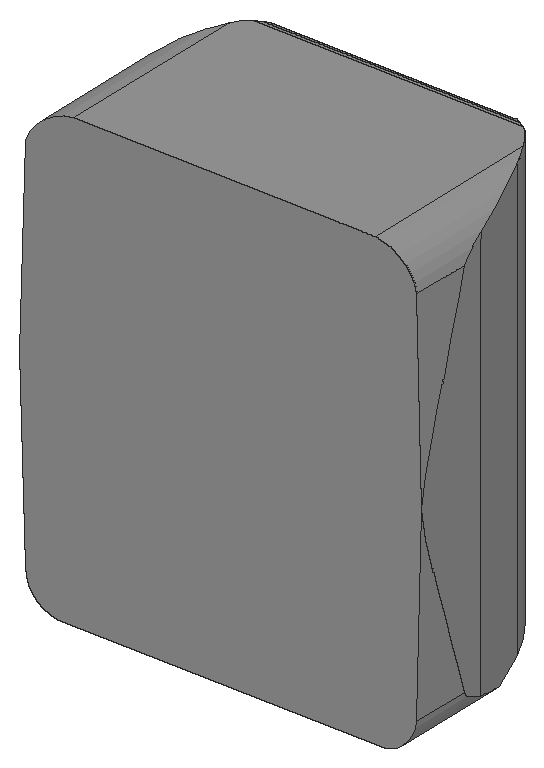
Revit family "706640001_Secador de Manos Forza", category Plumbing Fixtures, host Wall, Revit 2019
Family settings
  Host = Wall
  Round Connector Dimension = Use Diameter
  Part Type = Normal
  OmniClass Number = 23.40.20.21.14
  OmniClass Title = Hand and Hair Dryers
  Always vertical = Yes
  Cut with Voids When Loaded = No
  Shared = No
  Room Calculation Point = No
Parameters (values of type "Type 1")
  Voltaje = "110 - 120 V"  # constant formula
  Velocidad del aire = "90 m /seg"  # constant formula
  URL = "https://corona.co/productos/accesorios/secador-de-manos-forza/p/706640001"
  Referencia = "706640001"  # constant formula
  Profundidad = 172 mm
  Potencia Motor = "550 W"  # constant formula
  Potencia = "1800 W"  # constant formula
  Peso Neto aprox = "5,4 kg. - 11,9 lbs"  # constant formula
  Peso Bruto aprox = "6,0 kg. - 13,2 lbs"  # constant formula
  Material = Corona_Acero inoxidable
  Garantía = "5 años"  # constant formula
  Frecuencia = "50 / 60 Hz"  # constant formula
  Fabricante = "Corona"  # constant formula
  Distancia de detección = "12 ± 3 cm"  # constant formula
  Ancho = 277.947 mm
  Alto = 325 mm
Reference planes
  plane 1: y = 0
  plane 2 "Center (Left/Right)": x = 125
  plane 3 "Back": y = 75
  plane 4: z = 1200
  plane 5: z = 1525
  plane 6: x = 263.974
  plane 7: x = -13.974
  plane 8: y = 247
Forms (mm)
  Extrusion 1, solid, material "Corona_Acero inoxidable", detail levels medium+fine
    sketch origin (0, 75, 0) x (1, 0, 0) y (0, 0, 1)
      loop
        arc (232.523, 1520.911) -> (127.523, 1525.002) -> (22.523, 1520.911) r 1349.301
        arc (22.523, 1520.911) -> (1.797, 1512.944) -> (-11.208, 1494.947) r 38.949
        arc (-11.208, 1494.947) -> (-14.978, 1361.855) -> (-11.208, 1228.762) r 2351.32
        arc (-11.208, 1228.762) -> (-4.344, 1212.545) -> (11.253, 1204.369) r 26.125
        line (11.253, 1204.369) -> (238.619, 1204.369)
        arc (238.619, 1204.369) -> (254.299, 1212.504) -> (261.208, 1228.762) r 26.103
        arc (261.208, 1228.762) -> (264.978, 1361.855) -> (261.208, 1494.947) r 2351.32
        arc (261.208, 1494.947) -> (251.296, 1512.823) -> (232.523, 1520.911) r 31.645
    from -170.267 to 0
  Extrusion 2, void
    sketch origin (0, 0, 0) x (1, 0, 0) y (0, 1, 0)
      loop
        arc (25.927, 215.019) -> (59.138, 236.1) -> (97.536, 244.642) r 114.02
        line (97.536, 244.642) -> (125, 244.642) -> (152.464, 244.642)
        arc (152.464, 244.642) -> (190.862, 236.1) -> (224.073, 215.019) r 114.02
        arc (224.073, 215.019) -> (233.642, 201.981) -> (240.936, 187.547) r 97.986
        arc (240.936, 187.547) -> (250.157, 161.936) -> (257.317, 135.674) r 342.784
        arc (257.317, 135.674) -> (262.678, 105.53) -> (264.978, 75) r 303.768
        line (264.978, 75) -> (331.975, 75) -> (331.975, 315) -> (-68.025, 315) -> (-68.025, 75) -> (-14.978, 75)
        arc (-14.978, 75) -> (-12.678, 105.53) -> (-7.317, 135.674) r 303.768
        arc (-7.317, 135.674) -> (-0.157, 161.936) -> (9.064, 187.547) r 342.784
        arc (9.064, 187.547) -> (16.358, 201.981) -> (25.927, 215.019) r 97.986
    from 1045.124 to 1613.461
  Extrusion 3, void
    sketch origin (125, 0, 0) x (0, 1, 0) y (0, 0, 1)
      loop
        line (279.347, 1577.675) -> (179.347, 1577.675) -> (179.347, 1530.8) -> (223.358, 1520.944)
        arc (223.358, 1520.944) -> (228.449, 1518.077) -> (231.438, 1513.056) r 11.341
        arc (231.438, 1513.056) -> (240.949, 1466.626) -> (243.487, 1419.3) r 319.439
        arc (243.487, 1419.3) -> (240.144, 1343.898) -> (233.244, 1268.737) r 1598.066
        line (233.244, 1268.737) -> (243.28, 1221.522)
        arc (243.28, 1221.522) -> (241.733, 1219.987) -> (239.679, 1219.256) r 5
        line (239.679, 1219.256) -> (139.237, 1206.923)
        arc (139.237, 1206.923) -> (129.831, 1201.974) -> (126.065, 1192.035) r 15
        line (126.065, 1192.035) -> (126.065, 1152.675) -> (279.347, 1152.675) -> (279.347, 1577.675)
    from -264.788 to 250
  Extrusion 4, solid, material "Cubo", detail levels coarse
    sketch origin (0, 0, 0) x (1, 0, 0) y (0, 1, 0)
      loop
        line (-13.974, 247) -> (-13.974, 75) -> (263.974, 75) -> (263.974, 247) -> (-13.974, 247)
    from 1200 to 1525
Cuts and joins
  Extrusion 2, Extrusion 3 cuts Extrusion 1
Text (mm)
  text "Placement side" at (-1787.139, 592.35, 0), in view "Ref. Level"
  text "Placement side" at (0, 1827.695, 2917.686), in view "Left"
  text "Placement side" at (0, 562.268, 3853.606), in view "Right"
Dimensions and locks
  locked: plane 3 "Back" to host wall at 0
  level to plane 4 = 1200 mm
  "Alto": plane 4 to plane 5
  equal spacing: plane 7, plane 2 "Center (Left/Right)", plane 6
  "Ancho": plane 7 to plane 6
  "Profundidad": cut or joined group of Extrusion 1, Extrusion 2, Extrusion 3 to plane 8
  aligned and locked: host wall to plane 1
Automatic sketch dimensions
  plane 4 to Extrusion 1 sketch curve = 4.369 mm
  Extrusion 1 sketch curve to plane 7 = 25.226 mm
  Extrusion 1 sketch curve to Extrusion 1 sketch curve = 3.622 mm
  Extrusion 1 sketch curve to plane 7 = 39.527 mm
  plane 2 "Center (Left/Right)" to Extrusion 1 sketch curve = 2.523 mm
  plane 6 to Extrusion 1 sketch curve = 33.913 mm
  plane 6 to Extrusion 1 sketch curve = 28.826 mm
  plane 4 to Extrusion 1 sketch curve = 161.855 mm
  Extrusion 1 sketch curve to plane 6 = 2072.369 mm
  level to Extrusion 1 sketch curve = 175.701 mm
  Extrusion 1 sketch curve to Extrusion 1 sketch curve = 25.871 mm
  Extrusion 1 sketch curve to Extrusion 1 sketch curve = 25.872 mm
  Extrusion 1 sketch curve to plane 5 = 42.92 mm
  Extrusion 1 sketch curve to plane 5 = 35.638 mm
  Extrusion 1 sketch curve to Extrusion 1 sketch curve = 0 mm  (x4)
  Extrusion 1 sketch curve to plane 7 = 2.765 mm
  plane 6 to Extrusion 1 sketch curve = 25.355 mm
  plane 6 to Extrusion 1 sketch curve = 2.765 mm  (x2)
  Extrusion 2 sketch curve to host wall = 0 mm  (x2)
  Extrusion 2 sketch curve to plane 2 "Center (Left/Right)" = 0 mm
  Extrusion 2 sketch curve to plane 2 "Center (Left/Right)" = 22.276 mm
  Extrusion 2 sketch curve to Extrusion 2 sketch curve = 2.858 mm  (x2)
  Extrusion 2 sketch curve to plane 2 "Center (Left/Right)" = 27.464 mm
  Extrusion 2 sketch curve to host wall = 7.525 mm  (x2)
  plane 7 to Extrusion 2 sketch curve = 24.723 mm
  plane 7 to Extrusion 2 sketch curve = 54.051 mm
  Extrusion 2 sketch curve to Extrusion 2 sketch curve = 8.692 mm
  plane 2 "Center (Left/Right)" to Extrusion 2 sketch curve = 22.276 mm
  Extrusion 2 sketch curve to Extrusion 2 sketch curve = 27.464 mm
  Extrusion 2 sketch curve to plane 6 = 1.005 mm
  Extrusion 2 sketch curve to plane 6 = 24.723 mm
  Extrusion 2 sketch curve to host wall = 16.285 mm
  Extrusion 2 sketch curve to Extrusion 2 sketch curve = 38.02 mm
  Extrusion 2 sketch curve to Extrusion 2 sketch curve = 5.259 mm
  Extrusion 2 sketch curve to Extrusion 2 sketch curve = 16.285 mm
  host wall to Extrusion 2 sketch curve = 55.74 mm
  Extrusion 2 sketch curve to Extrusion 2 sketch curve = 0 mm  (x4)
  Extrusion 2 sketch curve to Extrusion 2 sketch curve = 19.981 mm  (x2)
  Extrusion 2 sketch curve to Extrusion 2 sketch curve = 93.922 mm
  Extrusion 2 sketch curve to Extrusion 2 sketch curve = 70.358 mm
  Extrusion 2 sketch curve to plane 7 = 39.901 mm
  plane 6 to Extrusion 2 sketch curve = 39.901 mm
  Extrusion 3 sketch curve to plane 5 = 72.641 mm
  host wall to Extrusion 3 sketch curve = 0.884 mm
  host wall to Extrusion 3 sketch curve = 51.065 mm
  plane 4 to Extrusion 3 sketch curve = 6.923 mm
  Extrusion 3 sketch curve to Extrusion 3 sketch curve = 13.172 mm
  Extrusion 3 sketch curve to plane 4 = 7.965 mm
  Extrusion 3 sketch curve to plane 5 = 15.038 mm
  Extrusion 3 sketch curve to Extrusion 3 sketch curve = 41.179 mm
  Extrusion 3 sketch curve to plane 5 = 4.056 mm
  Extrusion 3 sketch curve to Extrusion 3 sketch curve = 2.831 mm
  plane 4 to Extrusion 3 sketch curve = 24.219 mm
  Extrusion 3 sketch curve to Extrusion 3 sketch curve = 99.833 mm
  plane 4 to Extrusion 3 sketch curve = 19.256 mm
  Extrusion 3 sketch curve to Extrusion 3 sketch curve = 0.609 mm
  plane 4 to Extrusion 3 sketch curve = 21.522 mm
  Extrusion 3 sketch curve to Extrusion 3 sketch curve = 55.989 mm
  Extrusion 3 sketch curve to plane 4 = 47.325 mm
  Extrusion 3 sketch curve to plane 5 = 99.092 mm
  plane 5 to Extrusion 3 sketch curve = 5.8 mm
  Extrusion 3 sketch curve to Extrusion 3 sketch curve = 46.875 mm
  Extrusion 3 sketch curve to Extrusion 3 sketch curve = 0 mm  (x2)
  Extrusion 3 sketch curve to Extrusion 3 sketch curve = 5.825 mm
  plane 4 to Extrusion 3 sketch curve = 68.737 mm
  Extrusion 3 sketch curve to Extrusion 3 sketch curve = 22.96 mm
  Extrusion 4 sketch curve to host wall = 0 mm
  Extrusion 4 sketch curve to plane 7 = 0 mm
  Extrusion 4 sketch curve to plane 8 = 0 mm
  Extrusion 4 sketch curve to plane 6 = 0 mm
Nested families
  nested 1: "Family2" at (135, 75, 1325.089) x (1, 0, 0) z (0, -1, 0), type "Family2", detail levels coarse
Definition of nested family "Family2"
  Reference planes
    plane 1 "Center (Front/Back)": y = 0
    plane 2: z = 0
    plane 3 "Center (Left/Right)": x = 0
    plane 4: x = -146.453
    plane 5: x = 131.547
    plane 6: y = 199.33
    plane 7: y = -125.67
  Lines and regions (mm)
    detail lines, in view "Ref. Level"
      curve 1: arc (-141.673, 168.149, 0) -> (-134.424, 185.649, 0) -> (-116.924, 192.898, 0) r 24.749
      curve 2: arc (-116.924, 192.898, 0) -> (-62.248, 195.777, 0) -> (-7.5, 196.356, 0) r 1302.945
      curve 3: arc (-141.673, 168.149, 0) -> (-146.594, 35.649, 0) -> (-141.673, -96.851, 0) r 1786.088
      curve 4: arc (-141.673, -96.851, 0) -> (-134.484, -113.285, 0) -> (-118.592, -121.602, 0) r 27.037
      curve 5: line (-118.592, -121.602, 0) -> (-5, -121.602, 0)
      curve 6: arc (-7.5, 189.808, 0) -> (-31.258, 190.324, 0) -> (-55, 189.33, 0) r 374.115
      curve 7: arc (-55, 189.33, 0) -> (-87.517, 188.986, 0) -> (-119.82, 192.728, 0) r 258.395
      curve 8: arc (-7.5, 172.374, 0) -> (-61.959, 172.451, 0) -> (-116.156, 167.121, 0) r 547.926
      curve 9: line (-116.156, 167.121, 0) -> (-141.749, 167.121, 0)
      curve 10: arc (-116.156, 167.121, 0) -> (-119.333, 83.56, 0) -> (-116.156, 0, 0) r 1100.518
      curve 11: arc (-116.156, 0, 0) -> (-112.073, -42.646, 0) -> (-106.332, -85.101, 0) r 1100.518
      curve 12: arc (-106.332, -85.101, 0) -> (-103.779, -91.449, 0) -> (-98.687, -96.019, 0) r 15.103
      curve 13: arc (-96.326, -84.662, 0) -> (-94.05, -89.956, 0) -> (-89.883, -93.936, 0) r 14.427
      curve 14: arc (-119.131, -110.828, 0) -> (-108.142, -104.483, 0) -> (-98.687, -96.019, 0) r 61.547
      curve 15: arc (-119.131, -110.828, 0) -> (-130.465, -106.134, 0) -> (-135.16, -94.8, 0) r 16.029
      curve 16: arc (-135.16, -94.8, 0) -> (-138.539, -94.873, 0) -> (-141.739, -95.959, 0) r 11.103
      curve 17: arc (-135.16, -94.8, 0) -> (-129.833, -95.152, 0) -> (-124.607, -94.062, 0) r 19.706
      curve 18: arc (-124.607, -94.062, 0) -> (-116.015, -88.582, 0) -> (-106.194, -85.864, 0) r 34.358
      curve 19: arc (-106.194, -85.864, 0) -> (-101.199, -85.762, 0) -> (-96.326, -84.662, 0) r 24.832
      curve 20: arc (-98.687, -96.019, 0) -> (-94.412, -94.442, 0) -> (-89.883, -93.936, 0) r 18.845
      curve 21: arc (-89.883, -93.936, 0) -> (-65.686, -87.531, 0) -> (-40.976, -83.541, 0) r 253.794
      curve 22: arc (-96.326, -84.662, 0) -> (-79.937, -78.21, 0) -> (-62.518, -75.603, 0) r 77.943
      curve 23: arc (-62.518, -75.603, 0) -> (-35.072, -72.874, 0) -> (-7.5, -72.168, 0) r 375.169
      curve 24: arc (-40.976, -83.541, 0) -> (-24.263, -82.239, 0) -> (-7.5, -82.043, 0) r 253.794
      curve 25: arc (-96.326, -84.662, 0) -> (-58.499, -47.616, 0) -> (-7.5, -33.389, 0) r 106.397
      curve 26: arc (-136.453, 167.121, 0) -> (-138.096, 36.149, 0) -> (-135.16, -94.8, 0) r 3746.563
      curve 27: arc (126.673, 168.149, 0) -> (119.424, 185.649, 0) -> (101.924, 192.898, 0) r 24.749
      curve 28: arc (101.924, 192.898, 0) -> (47.248, 195.777, 0) -> (-7.5, 196.356, 0) r 1302.945
      curve 29: arc (126.673, 168.149, 0) -> (131.594, 35.649, 0) -> (126.673, -96.851, 0) r 1786.088
      curve 30: arc (126.673, -96.851, 0) -> (119.484, -113.285, 0) -> (103.592, -121.602, 0) r 27.037
      curve 31: line (103.592, -121.602, 0) -> (-5, -121.602, 0)
      curve 32: arc (-7.5, 189.808, 0) -> (16.258, 190.324, 0) -> (40, 189.33, 0) r 374.115
      curve 33: arc (40, 189.33, 0) -> (72.517, 188.986, 0) -> (104.82, 192.728, 0) r 258.395
      curve 34: arc (-7.5, 172.374, 0) -> (46.959, 172.451, 0) -> (101.156, 167.121, 0) r 547.926
      curve 35: line (101.156, 167.121, 0) -> (126.749, 167.121, 0)
      curve 36: arc (101.156, 167.121, 0) -> (104.333, 83.56, 0) -> (101.156, 0, 0) r 1100.518
      curve 37: arc (101.156, 0, 0) -> (97.073, -42.646, 0) -> (91.332, -85.101, 0) r 1100.518
      curve 38: arc (91.332, -85.101, 0) -> (88.779, -91.449, 0) -> (83.687, -96.019, 0) r 15.103
      curve 39: arc (81.326, -84.662, 0) -> (79.05, -89.956, 0) -> (74.883, -93.936, 0) r 14.427
      curve 40: arc (104.131, -110.828, 0) -> (93.142, -104.483, 0) -> (83.687, -96.019, 0) r 61.547
      curve 41: arc (104.131, -110.828, 0) -> (115.465, -106.134, 0) -> (120.16, -94.8, 0) r 16.029
      curve 42: arc (120.16, -94.8, 0) -> (123.539, -94.873, 0) -> (126.739, -95.959, 0) r 11.103
      curve 43: arc (120.16, -94.8, 0) -> (114.833, -95.152, 0) -> (109.607, -94.062, 0) r 19.706
      curve 44: arc (109.607, -94.062, 0) -> (101.015, -88.582, 0) -> (91.194, -85.864, 0) r 34.358
      curve 45: arc (91.194, -85.864, 0) -> (86.199, -85.762, 0) -> (81.326, -84.662, 0) r 24.832
      curve 46: arc (83.687, -96.019, 0) -> (79.412, -94.442, 0) -> (74.883, -93.936, 0) r 18.845
      curve 47: arc (74.883, -93.936, 0) -> (50.686, -87.531, 0) -> (25.976, -83.541, 0) r 253.794
      curve 48: arc (81.326, -84.662, 0) -> (64.937, -78.21, 0) -> (47.518, -75.603, 0) r 77.943
      curve 49: arc (47.518, -75.603, 0) -> (20.072, -72.874, 0) -> (-7.5, -72.168, 0) r 375.169
      curve 50: arc (25.976, -83.541, 0) -> (9.263, -82.239, 0) -> (-7.5, -82.043, 0) r 253.794
      curve 51: arc (81.326, -84.662, 0) -> (43.499, -47.616, 0) -> (-7.5, -33.389, 0) r 106.397
      curve 52: arc (121.453, 167.121, 0) -> (123.096, 36.149, 0) -> (120.16, -94.8, 0) r 3746.563
